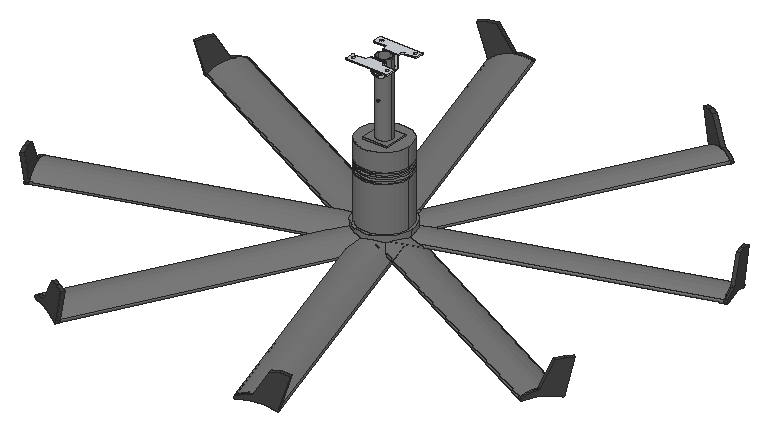
Revit family "Isis-8ft", category Generic Models, Revit 2014
Reference planes (in)
  plane 1 "Center (Front/Back)": y = 58.69434
  plane 2: z = 0
  plane 3 "Center (Left/Right)": x = 0.4705
Forms (in)
  Extrusion 1, solid, material "Metal - Chrome"
    sketch origin (0.46954, 58.66987, -78.65874) x (1, 0, 0) y (0, 1, 0)
      loop
        circle (0, 0) r 5
    from 50.92047 to 51.1388
  Extrusion 2, solid, material "Metal - Chrome"
    sketch origin (0.46954, 58.66987, -76.31051) x (1, 0, 0) y (0, 1, 0)
      loop
        circle (0, 0) r 1.20357
      loop
        circle (0, 0) r 1.09061
    from 64.30115 to 76.31051
  Extrusion 3, solid, material "Metal - Chrome"
    sketch origin (32.60034, 65.14532, -76.18551) x (0.950124, 0.311871, 0) y (0, 0, 1)
      loop
        arc (-29.27109, 49.75227) -> (-29.04889, 49.89467) -> (-29.10156, 50.15328) r 0.23339
        arc (-29.10156, 50.15328) -> (-31.98284, 51.54192) -> (-35.12337, 50.93595) r 5.08611
        arc (-35.12337, 50.93595) -> (-35.22188, 50.63788) -> (-34.93368, 50.51341) r 0.23249
        arc (-34.93368, 50.51341) -> (-32.0514, 50.51215) -> (-29.27109, 49.75227) r 10.85332
    from -1.94118 to 43.61719
  Extrusion 4, solid, material "Plastic - Blue"
    sketch origin (-2.29255, 66.65809, -76.18551) x (0.947757, 0.318994, 0) y (0, 0, 1)
      loop
        arc (-0.3092, 51.58434) -> (-1.59328, 51.41957) -> (-2.79418, 50.93595) r 5.08611
        arc (-2.79418, 50.93595) -> (-2.89269, 50.63788) -> (-2.60449, 50.51341) r 0.23249
        arc (-2.60449, 50.51341) -> (0.27779, 50.51215) -> (3.0581, 49.75227) r 10.85332
        arc (3.0581, 49.75227) -> (3.26634, 49.89548) -> (3.23488, 50.14624) r 0.24312
        line (3.23488, 50.14624) -> (4.75383, 55.21166) -> (3.3764, 55.49486) -> (2.02217, 55.47451) -> (-0.3092, 51.58434)
    from 55.85915 to 56.40927
  Extrusion 5, solid, material "Metal - Chrome"
    sketch origin (0.46954, 58.66987, -76.92982) x (1, 0, 0) y (0, 1, 0)
      loop
        circle (0, 0) r 4.5
    from 50.49659 to 52.92047
  Extrusion 6, solid, material "Metal - Chrome"
    sketch origin (0.46954, 58.66987, -74.50594) x (1, 0, 0) y (0, 1, 0)
      loop
        circle (0, 0) r 4
    from 50.49659 to 57.75621
  Extrusion 7, solid, material "Metal - Chrome"
    sketch origin (0.46954, 58.66987, -65.25594) x (1, 0, 0) y (0, 1, 0)
      loop
        circle (0, 0) r 4
    from 50.33806 to 53.24659
  Extrusion 8, solid, material "Metal - Chrome"
    sketch origin (0.46954, 58.66987, -66.92001) x (1, 0, 0) y (0, 1, 0)
      loop
        circle (0, 0) r 4
    from 51.5429 to 51.74659
  Extrusion 9, solid, material "Metal - Chrome"
    sketch origin (0.46954, 58.66987, -67.43764) x (1, 0, 0) y (0, 1, 0)
      loop
        circle (0, 0) r 4
    from 51.5429 to 51.74659
  Extrusion 10, solid, material "Metal - Chrome"
    sketch origin (0.46954, 58.66987, -68.06549) x (1, 0, 0) y (0, 1, 0)
      loop
        circle (0, 0) r 4
    from 51.5429 to 51.74659
  Extrusion 11, solid, material "Metal - Chrome"
    sketch origin (0.46954, 58.66987, -78.18491) x (1, 0, 0) y (0, 1, 0)
      loop
        circle (0, 0) r 5
    from 50.92047 to 51.1388
  Extrusion 12, solid, material "Metal - Chrome"
    sketch origin (0.46954, 58.66987, -77.67982) x (1, 0, 0) y (0, 1, 0)
      loop
        circle (0, 0) r 5
    from 50.92047 to 51.1388
  Extrusion 13, solid, material "Metal - Chrome"
    sketch origin (-23.68407, 65.85948, -88.10077) x (1, 0, 0) y (0, 1, 0)
      loop
        line (22.15322, -5.18961) -> (22.15322, -9.18961) -> (26.15322, -9.18961) -> (26.15322, -5.18961) -> (22.15322, -5.18961)
    from 76.13088 to 76.30115
  Extrusion 14, solid, material "Metal - Chrome"
    sketch origin (0.4711, 58.69165, -90.92889) x (1, 0, 0) y (0, 0, 1)
      loop
        circle (0, 89.91168) r 0.25
    from -1.42832 to 1.40559
  Extrusion 15, solid, material "Metal - Chrome"
    sketch origin (0.5022, 58.69165, -92.0477) x (1, 0, 0) y (0, 0, 1)
      loop
        circle (-0.00534, 89.94336) r 0.20777
    from -1.42832 to 1.40559
  Extrusion 16, solid, material "Metal - Chrome"
    sketch origin (0.5022, 58.69165, -95.92104) x (1, 0, 0) y (0, 0, 1)
      loop
        circle (0, 89.91168) r 0.12543
    from -1.42832 to 1.40559
  Extrusion 17, solid, material "Metal - Chrome 2", not visible
    sketch origin (55.92457, 26.14107, 2.47323) x (-0.007506, -0.999972, 0) y (0, 0, 1)
      loop
        arc (-29.27109, 49.75227) -> (-29.04889, 49.89467) -> (-29.10156, 50.15328) r 0.23339
        arc (-29.10156, 50.15328) -> (-31.98284, 51.54192) -> (-35.12337, 50.93595) r 5.08611
        arc (-35.12337, 50.93595) -> (-35.22188, 50.63788) -> (-34.93368, 50.51341) r 0.23249
        arc (-34.93368, 50.51341) -> (-32.0514, 50.51215) -> (-29.27109, 49.75227) r 10.85332
    from -1.94118 to 55.63939
  Extrusion 18, solid, material "Metal - Chrome 3", not visible
    sketch origin (56.40927, 58.88993, 2.47323) x (0, -1, 0) y (0, 0, 1)
      loop
        arc (-0.3092, 51.58434) -> (-1.59328, 51.41957) -> (-2.79418, 50.93595) r 5.08611
        arc (-2.79418, 50.93595) -> (-2.89269, 50.63788) -> (-2.60449, 50.51341) r 0.23249
        arc (-2.60449, 50.51341) -> (0.27779, 50.51215) -> (3.0581, 49.75227) r 10.85332
        arc (3.0581, 49.75227) -> (3.26634, 49.89548) -> (3.23488, 50.14624) r 0.24312
        line (3.23488, 50.14624) -> (4.75383, 55.21166) -> (3.3764, 55.49486) -> (2.02217, 55.47451) -> (-0.3092, 51.58434)
    from 55.85915 to 56.40927
  Extrusion 19, solid
    sketch origin (10.62881, 55.86567, -0.12891) x (1, 0, 0) y (0, 1, 0)
      loop
        line (-13.66711, 6.19604) -> (-13.66711, 5.19604)
        arc (-13.66711, 5.19604) -> (-13.59389, 5.01927) -> (-13.41711, 4.94604) r 0.25
        line (-13.41711, 4.94604) -> (-11.87711, 4.94604)
        arc (-11.87711, 4.94604) -> (-11.52356, 4.7996) -> (-11.37711, 4.44604) r 0.5
        line (-11.37711, 4.44604) -> (-11.37711, 4.13604) -> (-8.95711, 4.13604) -> (-8.95711, 4.44604)
        arc (-8.95711, 4.44604) -> (-8.81067, 4.7996) -> (-8.45711, 4.94604) r 0.5
        line (-8.45711, 4.94604) -> (-6.91711, 4.94604)
        arc (-6.91711, 4.94604) -> (-6.74034, 5.01927) -> (-6.66711, 5.19604) r 0.25
        line (-6.66711, 5.19604) -> (-6.66711, 6.19604)
        arc (-6.66711, 6.19604) -> (-6.74034, 6.37282) -> (-6.91711, 6.44604) r 0.25
        line (-6.91711, 6.44604) -> (-13.41711, 6.44604)
        arc (-13.41711, 6.44604) -> (-13.59389, 6.37282) -> (-13.66711, 6.19604) r 0.25
      loop
        circle (-12.91711, 5.69604) r 0.22
      loop
        circle (-7.41711, 5.69604) r 0.22
    from 0 to 0.12891
  Extrusion 20, solid
    sketch origin (11.17915, 60.00172, -1.65615) x (1, 0, 0) y (0, 0, 1)
      loop
        line (-11.92746, 1.65615) -> (-11.92746, -0.37927)
        arc (-11.92746, -0.37927) -> (-10.71746, -0.99276) -> (-9.50746, -0.37927) r 1.5
        line (-9.50746, -0.37927) -> (-9.50746, 1.65615) -> (-11.92746, 1.65615)
      loop
        circle (-10.71746, 0.63615) r 0.25
      loop
        arc (-11.33618, 0.01743) -> (-11.63265, 0.03326) -> (-11.67997, -0.25985) r 0.2221
        arc (-11.67997, -0.25985) -> (-10.71746, -0.67885) -> (-9.75495, -0.25985) r 1.315
        arc (-9.75495, -0.25985) -> (-9.80226, 0.03326) -> (-10.09874, 0.01743) r 0.2221
        arc (-10.09874, 0.01743) -> (-10.71746, -0.23885) -> (-11.33618, 0.01743) r 0.875
    from 0 to 0.12891
  Extrusion 21, solid
    sketch origin (10.62881, 61.49995, -0.12891) x (1, 0, 0) y (0, 1, 0)
      loop
        arc (-13.66711, -6.19604) -> (-13.59389, -6.37282) -> (-13.41711, -6.44604) r 0.25
        line (-13.41711, -6.44604) -> (-6.91711, -6.44604)
        arc (-6.91711, -6.44604) -> (-6.74034, -6.37282) -> (-6.66711, -6.19604) r 0.25
        line (-6.66711, -6.19604) -> (-6.66711, -5.19604)
        arc (-6.66711, -5.19604) -> (-6.74034, -5.01927) -> (-6.91711, -4.94604) r 0.25
        line (-6.91711, -4.94604) -> (-8.45711, -4.94604)
        arc (-8.45711, -4.94604) -> (-8.81067, -4.7996) -> (-8.95711, -4.44604) r 0.5
        line (-8.95711, -4.44604) -> (-8.95711, -4.13604) -> (-11.37711, -4.13604) -> (-11.37711, -4.44604)
        arc (-11.37711, -4.44604) -> (-11.52356, -4.7996) -> (-11.87711, -4.94604) r 0.5
        line (-11.87711, -4.94604) -> (-13.41711, -4.94604)
        arc (-13.41711, -4.94604) -> (-13.59389, -5.01927) -> (-13.66711, -5.19604) r 0.25
        line (-13.66711, -5.19604) -> (-13.66711, -6.19604)
      loop
        circle (-12.91711, -5.69604) r 0.22
      loop
        circle (-7.41711, -5.69604) r 0.22
    from 0 to 0.12891
  Extrusion 22, solid
    sketch origin (11.17915, 57.36391, -1.65615) x (1, 0, 0) y (0, 0, -1)
      loop
        line (-11.92746, -1.65615) -> (-9.50746, -1.65615) -> (-9.50746, 0.37927)
        arc (-9.50746, 0.37927) -> (-10.71746, 0.99276) -> (-11.92746, 0.37927) r 1.5
        line (-11.92746, 0.37927) -> (-11.92746, -1.65615)
      loop
        circle (-10.71746, -0.63615) r 0.25
      loop
        arc (-11.33618, -0.01743) -> (-10.71746, 0.23885) -> (-10.09874, -0.01743) r 0.875
        arc (-10.09874, -0.01743) -> (-9.80226, -0.03326) -> (-9.75495, 0.25985) r 0.2221
        arc (-9.75495, 0.25985) -> (-10.71746, 0.67885) -> (-11.67997, 0.25985) r 1.315
        arc (-11.67997, 0.25985) -> (-11.63265, -0.03326) -> (-11.33618, -0.01743) r 0.2221
    from 0 to 0.12891
  Extrusion 23, solid, not visible
    sketch origin (0, 55.86567, -0.12891) x (1, 0, 0) y (0, 1, 0)
      loop
        line (-13.66711, 6.19604) -> (-13.66711, 5.19604)
        arc (-13.66711, 5.19604) -> (-13.59389, 5.01927) -> (-13.41711, 4.94604) r 0.25
        line (-13.41711, 4.94604) -> (-11.87711, 4.94604)
        arc (-11.87711, 4.94604) -> (-11.52356, 4.7996) -> (-11.37711, 4.44604) r 0.5
        line (-11.37711, 4.44604) -> (-11.37711, 4.13604) -> (-8.95711, 4.13604) -> (-8.95711, 4.44604)
        arc (-8.95711, 4.44604) -> (-8.81067, 4.7996) -> (-8.45711, 4.94604) r 0.5
        line (-8.45711, 4.94604) -> (-6.91711, 4.94604)
        arc (-6.91711, 4.94604) -> (-6.74034, 5.01927) -> (-6.66711, 5.19604) r 0.25
        line (-6.66711, 5.19604) -> (-6.66711, 6.19604)
        arc (-6.66711, 6.19604) -> (-6.74034, 6.37282) -> (-6.91711, 6.44604) r 0.25
        line (-6.91711, 6.44604) -> (-13.41711, 6.44604)
        arc (-13.41711, 6.44604) -> (-13.59389, 6.37282) -> (-13.66711, 6.19604) r 0.25
      loop
        circle (-12.91711, 5.69604) r 0.22
      loop
        circle (-7.41711, 5.69604) r 0.22
    from 0 to 0.12891
  Extrusion 24, solid, not visible
    sketch origin (0.55034, 60.00172, -1.65615) x (1, 0, 0) y (0, 0, 1)
      loop
        line (-11.92746, 1.65615) -> (-11.92746, -0.37927)
        arc (-11.92746, -0.37927) -> (-10.71746, -0.99276) -> (-9.50746, -0.37927) r 1.5
        line (-9.50746, -0.37927) -> (-9.50746, 1.65615) -> (-11.92746, 1.65615)
      loop
        circle (-10.71746, 0.63615) r 0.25
      loop
        arc (-11.33618, 0.01743) -> (-11.63265, 0.03326) -> (-11.67997, -0.25985) r 0.2221
        arc (-11.67997, -0.25985) -> (-10.71746, -0.67885) -> (-9.75495, -0.25985) r 1.315
        arc (-9.75495, -0.25985) -> (-9.80226, 0.03326) -> (-10.09874, 0.01743) r 0.2221
        arc (-10.09874, 0.01743) -> (-10.71746, -0.23885) -> (-11.33618, 0.01743) r 0.875
    from 0 to 0.12891
  Extrusion 25, solid, not visible
    sketch origin (0, 61.49995, -0.12891) x (1, 0, 0) y (0, 1, 0)
      loop
        arc (-13.66711, -6.19604) -> (-13.59389, -6.37282) -> (-13.41711, -6.44604) r 0.25
        line (-13.41711, -6.44604) -> (-6.91711, -6.44604)
        arc (-6.91711, -6.44604) -> (-6.74034, -6.37282) -> (-6.66711, -6.19604) r 0.25
        line (-6.66711, -6.19604) -> (-6.66711, -5.19604)
        arc (-6.66711, -5.19604) -> (-6.74034, -5.01927) -> (-6.91711, -4.94604) r 0.25
        line (-6.91711, -4.94604) -> (-8.45711, -4.94604)
        arc (-8.45711, -4.94604) -> (-8.81067, -4.7996) -> (-8.95711, -4.44604) r 0.5
        line (-8.95711, -4.44604) -> (-8.95711, -4.13604) -> (-11.37711, -4.13604) -> (-11.37711, -4.44604)
        arc (-11.37711, -4.44604) -> (-11.52356, -4.7996) -> (-11.87711, -4.94604) r 0.5
        line (-11.87711, -4.94604) -> (-13.41711, -4.94604)
        arc (-13.41711, -4.94604) -> (-13.59389, -5.01927) -> (-13.66711, -5.19604) r 0.25
        line (-13.66711, -5.19604) -> (-13.66711, -6.19604)
      loop
        circle (-12.91711, -5.69604) r 0.22
      loop
        circle (-7.41711, -5.69604) r 0.22
    from 0 to 0.12891
  Extrusion 26, solid, not visible
    sketch origin (0.55034, 57.36391, -1.65615) x (1, 0, 0) y (0, 0, -1)
      loop
        line (-11.92746, -1.65615) -> (-9.50746, -1.65615) -> (-9.50746, 0.37927)
        arc (-9.50746, 0.37927) -> (-10.71746, 0.99276) -> (-11.92746, 0.37927) r 1.5
        line (-11.92746, 0.37927) -> (-11.92746, -1.65615)
      loop
        circle (-10.71746, -0.63615) r 0.25
      loop
        arc (-11.33618, -0.01743) -> (-10.71746, 0.23885) -> (-10.09874, -0.01743) r 0.875
        arc (-10.09874, -0.01743) -> (-9.80226, -0.03326) -> (-9.75495, 0.25985) r 0.2221
        arc (-9.75495, 0.25985) -> (-10.71746, 0.67885) -> (-11.67997, 0.25985) r 1.315
        arc (-11.67997, 0.25985) -> (-11.63265, -0.03326) -> (-11.33618, -0.01743) r 0.2221
    from 0 to 0.12891
  Extrusion 27, solid, material "Metal - Chrome"
    sketch origin (27.76605, 40.52842, -76.18551) x (0.892366, -0.451313, 0) y (0, 0, 1)
      loop
        arc (-29.27109, 49.75227) -> (-29.04889, 49.89467) -> (-29.10156, 50.15328) r 0.23339
        arc (-29.10156, 50.15328) -> (-31.98284, 51.54192) -> (-35.12337, 50.93595) r 5.08611
        arc (-35.12337, 50.93595) -> (-35.22188, 50.63788) -> (-34.93368, 50.51341) r 0.23249
        arc (-34.93368, 50.51341) -> (-32.0514, 50.51215) -> (-29.27109, 49.75227) r 10.85332
    from -1.94118 to 43.61719
  Extrusion 28, solid, material "Plastic - Blue"
    sketch origin (4.16274, 66.27111, -76.18551) x (0.895728, -0.444603, 0) y (0, 0, 1)
      loop
        arc (-0.3092, 51.58434) -> (-1.59328, 51.41957) -> (-2.79418, 50.93595) r 5.08611
        arc (-2.79418, 50.93595) -> (-2.89269, 50.63788) -> (-2.60449, 50.51341) r 0.23249
        arc (-2.60449, 50.51341) -> (0.27779, 50.51215) -> (3.0581, 49.75227) r 10.85332
        arc (3.0581, 49.75227) -> (3.26634, 49.89548) -> (3.23488, 50.14624) r 0.24312
        line (3.23488, 50.14624) -> (4.75383, 55.21166) -> (3.3764, 55.49486) -> (2.02217, 55.47451) -> (-0.3092, 51.58434)
    from 55.85915 to 56.40927
  Extrusion 29, solid, material "Metal - Chrome"
    sketch origin (18.61193, 85.97045, -76.18551) x (0.451313, 0.892366, 0) y (0, 0, 1)
      loop
        arc (-29.27109, 49.75227) -> (-29.04889, 49.89467) -> (-29.10156, 50.15328) r 0.23339
        arc (-29.10156, 50.15328) -> (-31.98284, 51.54192) -> (-35.12337, 50.93595) r 5.08611
        arc (-35.12337, 50.93595) -> (-35.22188, 50.63788) -> (-34.93368, 50.51341) r 0.23249
        arc (-34.93368, 50.51341) -> (-32.0514, 50.51215) -> (-29.27109, 49.75227) r 10.85332
    from -1.94118 to 43.61719
  Extrusion 30, solid, material "Plastic - Blue"
    sketch origin (-7.13076, 62.36714, -76.18551) x (0.444603, 0.895728, 0) y (0, 0, 1)
      loop
        arc (-0.3092, 51.58434) -> (-1.59328, 51.41957) -> (-2.79418, 50.93595) r 5.08611
        arc (-2.79418, 50.93595) -> (-2.89269, 50.63788) -> (-2.60449, 50.51341) r 0.23249
        arc (-2.60449, 50.51341) -> (0.27779, 50.51215) -> (3.0581, 49.75227) r 10.85332
        arc (3.0581, 49.75227) -> (3.26634, 49.89548) -> (3.23488, 50.14624) r 0.24312
        line (3.23488, 50.14624) -> (4.75383, 55.21166) -> (3.3764, 55.49486) -> (2.02217, 55.47451) -> (-0.3092, 51.58434)
    from 55.85915 to 56.40927
  Extrusion 31, solid, material "Metal - Chrome"
    sketch origin (-6.00496, 90.80475, -76.18551) x (-0.311871, 0.950124, 0) y (0, 0, 1)
      loop
        arc (-29.27109, 49.75227) -> (-29.04889, 49.89467) -> (-29.10156, 50.15328) r 0.23339
        arc (-29.10156, 50.15328) -> (-31.98284, 51.54192) -> (-35.12337, 50.93595) r 5.08611
        arc (-35.12337, 50.93595) -> (-35.22188, 50.63788) -> (-34.93368, 50.51341) r 0.23249
        arc (-34.93368, 50.51341) -> (-32.0514, 50.51215) -> (-29.27109, 49.75227) r 10.85332
    from -1.94118 to 43.61719
  Extrusion 32, solid, material "Plastic - Blue"
    sketch origin (-7.51773, 55.91185, -76.18551) x (-0.318994, 0.947757, 0) y (0, 0, 1)
      loop
        arc (-0.3092, 51.58434) -> (-1.59328, 51.41957) -> (-2.79418, 50.93595) r 5.08611
        arc (-2.79418, 50.93595) -> (-2.89269, 50.63788) -> (-2.60449, 50.51341) r 0.23249
        arc (-2.60449, 50.51341) -> (0.27779, 50.51215) -> (3.0581, 49.75227) r 10.85332
        arc (3.0581, 49.75227) -> (3.26634, 49.89548) -> (3.23488, 50.14624) r 0.24312
        line (3.23488, 50.14624) -> (4.75383, 55.21166) -> (3.3764, 55.49486) -> (2.02217, 55.47451) -> (-0.3092, 51.58434)
    from 55.85915 to 56.40927
  Extrusion 33, solid, material "Metal - Chrome"
    sketch origin (-26.8301, 76.81634, -76.18551) x (-0.892366, 0.451313, 0) y (0, 0, 1)
      loop
        arc (-29.27109, 49.75227) -> (-29.04889, 49.89467) -> (-29.10156, 50.15328) r 0.23339
        arc (-29.10156, 50.15328) -> (-31.98284, 51.54192) -> (-35.12337, 50.93595) r 5.08611
        arc (-35.12337, 50.93595) -> (-35.22188, 50.63788) -> (-34.93368, 50.51341) r 0.23249
        arc (-34.93368, 50.51341) -> (-32.0514, 50.51215) -> (-29.27109, 49.75227) r 10.85332
    from -1.94118 to 43.61719
  Extrusion 34, solid, material "Plastic - Blue"
    sketch origin (-3.22678, 51.07365, -76.18551) x (-0.895728, 0.444603, 0) y (0, 0, 1)
      loop
        arc (-0.3092, 51.58434) -> (-1.59328, 51.41957) -> (-2.79418, 50.93595) r 5.08611
        arc (-2.79418, 50.93595) -> (-2.89269, 50.63788) -> (-2.60449, 50.51341) r 0.23249
        arc (-2.60449, 50.51341) -> (0.27779, 50.51215) -> (3.0581, 49.75227) r 10.85332
        arc (3.0581, 49.75227) -> (3.26634, 49.89548) -> (3.23488, 50.14624) r 0.24312
        line (3.23488, 50.14624) -> (4.75383, 55.21166) -> (3.3764, 55.49486) -> (2.02217, 55.47451) -> (-0.3092, 51.58434)
    from 55.85915 to 56.40927
  Extrusion 35, solid, material "Metal - Chrome"
    sketch origin (-31.66439, 52.19944, -76.18551) x (-0.950124, -0.311871, 0) y (0, 0, 1)
      loop
        arc (-29.27109, 49.75227) -> (-29.04889, 49.89467) -> (-29.10156, 50.15328) r 0.23339
        arc (-29.10156, 50.15328) -> (-31.98284, 51.54192) -> (-35.12337, 50.93595) r 5.08611
        arc (-35.12337, 50.93595) -> (-35.22188, 50.63788) -> (-34.93368, 50.51341) r 0.23249
        arc (-34.93368, 50.51341) -> (-32.0514, 50.51215) -> (-29.27109, 49.75227) r 10.85332
    from -1.94118 to 43.61719
  Extrusion 36, solid, material "Plastic - Blue"
    sketch origin (3.2285, 50.68667, -76.18551) x (-0.947757, -0.318994, 0) y (0, 0, 1)
      loop
        arc (-0.3092, 51.58434) -> (-1.59328, 51.41957) -> (-2.79418, 50.93595) r 5.08611
        arc (-2.79418, 50.93595) -> (-2.89269, 50.63788) -> (-2.60449, 50.51341) r 0.23249
        arc (-2.60449, 50.51341) -> (0.27779, 50.51215) -> (3.0581, 49.75227) r 10.85332
        arc (3.0581, 49.75227) -> (3.26634, 49.89548) -> (3.23488, 50.14624) r 0.24312
        line (3.23488, 50.14624) -> (4.75383, 55.21166) -> (3.3764, 55.49486) -> (2.02217, 55.47451) -> (-0.3092, 51.58434)
    from 55.85915 to 56.40927
  Extrusion 37, solid, material "Metal - Chrome"
    sketch origin (-17.67598, 31.37431, -76.18551) x (-0.451313, -0.892366, 0) y (0, 0, 1)
      loop
        arc (-29.27109, 49.75227) -> (-29.04889, 49.89467) -> (-29.10156, 50.15328) r 0.23339
        arc (-29.10156, 50.15328) -> (-31.98284, 51.54192) -> (-35.12337, 50.93595) r 5.08611
        arc (-35.12337, 50.93595) -> (-35.22188, 50.63788) -> (-34.93368, 50.51341) r 0.23249
        arc (-34.93368, 50.51341) -> (-32.0514, 50.51215) -> (-29.27109, 49.75227) r 10.85332
    from -1.94118 to 43.61719
  Extrusion 38, solid, material "Plastic - Blue"
    sketch origin (8.06671, 54.97762, -76.18551) x (-0.444603, -0.895728, 0) y (0, 0, 1)
      loop
        arc (-0.3092, 51.58434) -> (-1.59328, 51.41957) -> (-2.79418, 50.93595) r 5.08611
        arc (-2.79418, 50.93595) -> (-2.89269, 50.63788) -> (-2.60449, 50.51341) r 0.23249
        arc (-2.60449, 50.51341) -> (0.27779, 50.51215) -> (3.0581, 49.75227) r 10.85332
        arc (3.0581, 49.75227) -> (3.26634, 49.89548) -> (3.23488, 50.14624) r 0.24312
        line (3.23488, 50.14624) -> (4.75383, 55.21166) -> (3.3764, 55.49486) -> (2.02217, 55.47451) -> (-0.3092, 51.58434)
    from 55.85915 to 56.40927
  Extrusion 39, solid, material "Metal - Chrome"
    sketch origin (6.94091, 26.54001, -76.18551) x (0.311871, -0.950124, 0) y (0, 0, 1)
      loop
        arc (-29.27109, 49.75227) -> (-29.04889, 49.89467) -> (-29.10156, 50.15328) r 0.23339
        arc (-29.10156, 50.15328) -> (-31.98284, 51.54192) -> (-35.12337, 50.93595) r 5.08611
        arc (-35.12337, 50.93595) -> (-35.22188, 50.63788) -> (-34.93368, 50.51341) r 0.23249
        arc (-34.93368, 50.51341) -> (-32.0514, 50.51215) -> (-29.27109, 49.75227) r 10.85332
    from -1.94118 to 43.61719
  Extrusion 40, solid, material "Plastic - Blue"
    sketch origin (8.45368, 61.43291, -76.18551) x (0.318994, -0.947757, 0) y (0, 0, 1)
      loop
        arc (-0.3092, 51.58434) -> (-1.59328, 51.41957) -> (-2.79418, 50.93595) r 5.08611
        arc (-2.79418, 50.93595) -> (-2.89269, 50.63788) -> (-2.60449, 50.51341) r 0.23249
        arc (-2.60449, 50.51341) -> (0.27779, 50.51215) -> (3.0581, 49.75227) r 10.85332
        arc (3.0581, 49.75227) -> (3.26634, 49.89548) -> (3.23488, 50.14624) r 0.24312
        line (3.23488, 50.14624) -> (4.75383, 55.21166) -> (3.3764, 55.49486) -> (2.02217, 55.47451) -> (-0.3092, 51.58434)
    from 55.85915 to 56.40927
Dimensions and locks (in)
  aligned and locked: plane 2 to level
Connectors (in)
  electrical at (0.46954, 58.66987, 0)
    settings: on Extrusion 2, index 1, voltage 0 V, apparent load 0 VA, apparent load phase1 0 VA, apparent load phase2 0 VA, apparent load phase3 0 VA, power factor 1, load classification "Other", number of poles 1, system type 31, power factor state 1, is connector primary yes, connector utility no, sub classification motor no, connector description ""
